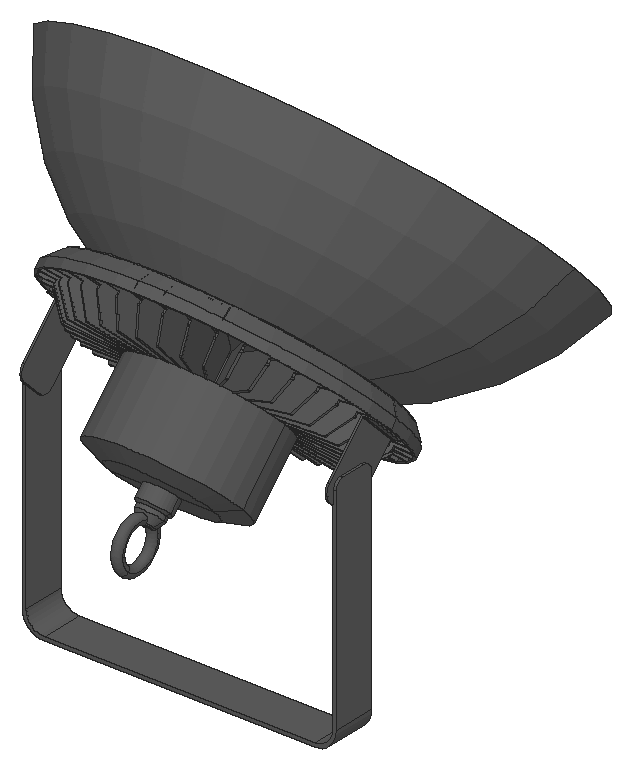
Revit family "0039350+0039353+0039357 Feilo Sylvania Lighting Fixture START HIGHBAY 6K 13KLM WIDE with BRACKET and ALU SHADE BLACK COLOR", category Lighting Fixtures, host Face, Revit 2017
Family settings
  Host = Face
  Round Connector Dimension = Use Diameter
  Part Type = Normal
  OmniClass Number = 23.80.70.00
  OmniClass Title = Lighting
  Cut with Voids When Loaded = No
  Light Source = No
  Shared = No
  Room Calculation Point = No
Parameters (values of type "0039350+0039353+0039357 START HIGHBAY 6K 13KLM WIDE with BRACKET and ALU SHADE BLACK COLOR")
  Weight = "3.0 kg"
  Wattage Comments = ""
  WarrantyStartDate [instance] = "n/a"
  WarrantyGuarantorParts = "n/a"
  WarrantyDurationUnit = "n/a"
  WarrantyDurationParts = "n/a"
  WarrantyDescription = "n/a"
  Voltage = 230 V
  URL = "http://www.sylvania-lighting.com"
  TypeName = "START HIGHBAY 6K 13KLM WIDE with BRACKET and ALU SHADE BLACK COLOR"
  TypeHead_FEILO = Start LED Highbay Head : 0039350+0039353+0039357 START HIGHBAY 6K 13KLM WIDE with BRACKET and ALU SHADE BLACK COLOR
  Type Image = <None>
  Type Comments = "n/a"
  TiltAngle_FEILO [instance] = 45.00°
  ThicknessBracketPlate_FEILO = 3 mm
  SizeBracketS_FEILO = yes
  SizeBracketM_FEILO = no
  SerialNumber [instance] = "n/a"
  RadiusBracketTop_FEILO = 7 mm
  RadiusBendOut_FEILO = if(SizeBracketS_FEILO, 18 mm, if(SizeBracketM_FEILO, 24 mm, 28 mm))  # 18 mm
  RadiusBendIn_FEILO = RadiusBendOut_FEILO - ThicknessBracketPlate_FEILO  # 15 mm
  Material_3_FEILO = none
  PowerFactor = 0.95
  PowerConsumption = "100 W"
  NominalLength = 270 mm
  NominalHeight = 170 mm
  NominalDepth = 270 mm
  Name = "START HIGHBAY 6K 13KLM WIDE with BRACKET and ALU SHADE BLACK COLOR"
  ModelReference = Name  # "START HIGHBAY 6K 13KLM WIDE with BRACKET and ALU SHADE BLACK COLOR"
  ModelNumber = "0039350+0039353+0039357"
  Model = Name  # "START HIGHBAY 6K 13KLM WIDE with BRACKET and ALU SHADE BLACK COLOR"
  Material = "aluminium alloy housing, polycarbonate diffuser"
  ManufacturerName = "Feilo Sylvania"
  Manufacturer = "Feilo Sylvania"
  LuminousEfficacy = "130 lm/W"
  LuminaireType = ""
  LightOutputRatio = "n/a"
  LampsType = Lamp  # "LED"
  LampNominalLuminous = "13000 lm"
  LampMacAdamStep = "n/a"
  LampColourTemperature = "6500 K"
  LampColourRenderingIndex = "80"
  Lamp = "LED"
  Keynote = "16500"
  InstallationDate [instance] = "n/a"
  InputVoltage = "220-240V~"
  InputNominalFrequency = "50/60 Hz"
  IngressProtection = "IP65"
  ImpactProtectionIndex = "IK08"
  IfcExportType = "IfcLightFixtureType"
  IfcExportAs = "IfcLightFixtureType"
  ExpectedLife = 50000
  EndAngle_FEILO [instance] = TiltAngle_FEILO + 180.00°  # 225.00°
  ElectricShockClassification = "Class I"
  DurationUnit = "hours"
  DocumentationLiterature = "http://www.sylvania-lighting.com/product/en-int/products/0039350"
  DimmingControlOptions = "n/a"
  Material_2_FEILO = none
  Description = "START HIGHBAY, includes 1 m cables, black aluminium housing, 13000LM, 100W, 130lm/W, 6500K, Driver current: 2140mA, CR80, 60° beam angle, 1-10V dimmable,  IP65, IK08, 50,000 hrs (L70B50), (LxWxH) 270x270x170mm"
  Default Elevation = 1219.2 mm
  CreatedOn = "2/28/2018"
  CreatedBy = ""
  Cost = 0
  built-in parameter 1114216 [instance] = (empty or 0)
  ClassificationValue = "EF_70_80"
  ClassificationName = "Uniclass2015"
  Material_1_FEILO = Body-Sylvania-StartHighbay-Black
  BracketHeight_FEILO = if(SizeBracketS_FEILO, 199.5 mm, if(SizeBracketM_FEILO, 209.6 mm, 201.3 mm))  # 199.5 mm
  BracketDistanceInner_FEILO = if(SizeBracketS_FEILO, 249.4 mm, if(SizeBracketM_FEILO, 273.6 mm, 313.2 mm))  # 249.4 mm
  BarCode [instance] = "n/a"
  AssetType = "Fixed"
  AssetIdentifier [instance] = "n/a"
  Assembly Code = "D5020200"
  Apparent Load = 100 VA
  Material_4_FEILO = none
Reference planes
  plane 1 "Center (Front/Back)": y = 0
  plane 2: z = 0
  plane 3 "Center (Left/Right)": x = 0
  plane 4: x = -127.7
  plane 5: x = 127.7
  plane 6: z = 199.5
  plane 7: x = -124.7
  plane 8: z = 3
  plane 9: x = 124.7
  plane 10: y = 17.5
  plane 11: y = -17.5
  plane 12: y = -19.5
  plane 13: z = 201.5
  plane 14: y = 19.5
  plane 15: z = 190.5
Forms (mm)
  Extrusion 1, solid, material "Body-Sylvania-StartHighbay-Black" <- "Material_1_FEILO"
    sketch origin (0, 0, 0) x (1, 0, 0) y (0, 0, 1)
      loop
        line (-127.7, 199.5) -> (-127.7, 18)
        arc (-127.7, 18) -> (-122.428, 5.272) -> (-109.7, 0) r 18
        line (-109.7, 0) -> (109.7, 0)
        arc (109.7, 0) -> (122.428, 5.272) -> (127.7, 18) r 18
        line (127.7, 18) -> (127.7, 199.5) -> (124.7, 199.5) -> (124.7, 18)
        arc (124.7, 18) -> (120.307, 7.393) -> (109.7, 3) r 15
        line (109.7, 3) -> (-109.7, 3)
        arc (-109.7, 3) -> (-120.307, 7.393) -> (-124.7, 18) r 15
        line (-124.7, 18) -> (-124.7, 199.5) -> (-127.7, 199.5)
    from -17.5 to 17.5
  Extrusion 2, void
    sketch origin (0, 0, 0) x (0, 1, 0) y (0, 0, 1)
      loop
        arc (10.5, 199.5) -> (15.45, 197.45) -> (17.5, 192.5) r 7
        line (17.5, 192.5) -> (19.5, 192.5) -> (19.5, 201.5) -> (-19.5, 201.5) -> (-19.5, 192.5) -> (-17.5, 192.5)
        arc (-17.5, 192.5) -> (-15.45, 197.45) -> (-10.5, 199.5) r 7
        line (-10.5, 199.5) -> (10.5, 199.5)
    from -127.7 to 127.7
  Revolve 3, solid, not visible
    sketch origin (1223.4, -4572, 190.5) x (0, -1, 0) y (1, 0, 0)
      loop
        line (-4572, -1223.4) -> (-4591.5, -1223.4) -> (-4591.5, -1277.783) -> (-4572, -1277.783) -> (-4572, -1223.4)
      axis (-4572, -1223.4) -> (-4572, -1277.783)
    angle from 45 <- "TiltAngle_FEILO" to 225 <- "EndAngle_FEILO"
Cuts and joins
  Extrusion 2 cuts Extrusion 1
Dimensions and locks
  "BracketHeight_FEILO": plane 6 to plane 2
  equal spacing: plane 11, plane 1 "Center (Front/Back)", plane 10
  locked: plane 11 to plane 10 at 35
  equal spacing: plane 9, plane 3 "Center (Left/Right)", plane 7
  "BracketDistanceInner_FEILO": plane 9 to plane 7
  "ThicknessBracketPlate_FEILO": plane 7 to plane 4
  "ThicknessBracketPlate_FEILO": plane 8 to plane 2
  equal spacing: plane 5, plane 3 "Center (Left/Right)", plane 4
  equal spacing: plane 12, plane 1 "Center (Front/Back)", plane 14
  locked: plane 6 to plane 13 at 2
  locked: plane 12 to plane 11 at 2
  locked: plane 6 to plane 15 at 9
  "RadiusBendOut_FEILO": radius of Extrusion 1 sketch curve  (x2)
  "RadiusBendIn_FEILO": radius of Extrusion 1 sketch curve  (x2)
  "RadiusBracketTop_FEILO": radius of Extrusion 2 sketch curve  (x2)
  aligned and locked: plane 2 to host face
  aligned and locked: level to host face
  aligned and locked: Extrusion 1 sketch curve to plane 4
  aligned and locked: Extrusion 1 sketch curve to level
  aligned and locked: plane 6 to Extrusion 1 sketch curve
  aligned and locked: Extrusion 1 sketch curve to plane 6
  aligned and locked: Extrusion 1 sketch curve to plane 7
  aligned and locked: plane 9 to Extrusion 1 sketch curve
  aligned and locked: plane 8 to Extrusion 1 sketch curve
  aligned and locked: Extrusion 1 to plane 10
  aligned and locked: plane 11 to Extrusion 1
  aligned and locked: Extrusion 1 to Extrusion 2 sketch curve
  aligned and locked: plane 14 to Extrusion 2 sketch curve  (x2)
  aligned and locked: Extrusion 2 sketch curve to plane 12
  aligned and locked: plane 13 to Extrusion 2 sketch curve
  aligned and locked: plane 5 to Extrusion 2
  aligned and locked: Extrusion 2 to plane 4
  aligned and locked: Revolve 3 sketch curve to plane 1 "Center (Front/Back)"
  aligned and locked: Revolve 3 sketch curve to Revolve 3 sketch curve
  aligned and locked: plane 3 "Center (Left/Right)" to Revolve 3 sketch curve
  aligned and locked: Revolve 3 sketch curve to plane 14
  aligned and locked: nested 1 to plane 3 "Center (Left/Right)"
Automatic sketch dimensions
  host sketch curve to host sketch curve = 2438.4 mm  (x2)
  Revolve 3 sketch curve to Revolve 3 sketch curve = 54.383 mm
  Revolve 3 sketch curve to plane 4 = 1396.3 mm
  plane 5 to Revolve 3 sketch curve = 1396.3 mm
  Extrusion 1 sketch curve to Extrusion 1 sketch curve = 0 mm
  Extrusion 2 sketch curve to plane 11 = 0 mm
  Extrusion 2 sketch curve to plane 10 = 0 mm
Nested families
  nested 1: "Start LED Highbay Head" at (0, 0, 190.5) x (-1, 0, 0) z (0, 0.7071, 0.7071), type <- "TypeHead_FEILO", type "0039350+0039353+0039357 START HIGHBAY 6K 13KLM WIDE with BRACKET and ALU SHADE BLACK COLOR"
    with built-in parameter 1114216 (empty or 0)
Connectors
  electrical at (0, 0, 0), driven by "Apparent Load", driven by "PowerFactor", driven by "Voltage"
    settings: index 1, voltage 230 V, apparent load 100 VA, apparent load phase1 0 VA, apparent load phase2 0 VA, apparent load phase3 0 VA, power factor 0.95, load classification "Lighting", number of poles 1, system type 30, power factor state 1, is connector primary yes, connector utility no, sub classification motor no, connector description ""
Definition of nested family "Start LED Highbay Head"
  Parameters (values of type "0039351+0039354+0039358 START HIGHBAY 6K 19KLM WIDE with BRACKET and PC LAMPSHADE TRANSPARENT ")
    X_FEILO = if(SizeS_FEILO, 60.3 mm, if(SizeM_FEILO, 70.4 mm, 83.5 mm))  # 70.4 mm
    WidthStraight_FEILO = if(SizeS_FEILO, 3 mm, if(SizeM_FEILO, 4 mm, 4.7 mm))  # 4 mm
    WidthRingChamfer_FEILO = if(SizeS_FEILO, 10.3 mm, if(SizeM_FEILO, 11.2 mm, 12.9 mm))  # 11.2 mm
    WidthCurved_FEILO = if(SizeS_FEILO, 17.4 mm, if(SizeM_FEILO, 16.4 mm, 26.2 mm))  # 16.4 mm
    WidthCurvedRing_FEILO = if(SizeS_FEILO, 3 mm, if(SizeM_FEILO, 4 mm, 4.7 mm))  # 4 mm
    WidthBracket_FEILO = 40 mm
    Wattage Comments = ""
    Wattage = 150 W
    built-in parameter 1150110 = 1 (stored number, unit not read)
    URL = "http://www.feilosylvania.com"
    Type Image = (empty or 0)
    Type Comments = "n/a"
    built-in parameter 1114217 = 1 (stored number, unit not read)
    Tilt Angle = -90.00°
    ThicknessWall_FEILO = 1.5 mm
    ThicknessBracket_FEILO = 1.5 mm
    ThicknessBracketHalf_FEILO = ThicknessBracket_FEILO / 2  # 0.75 mm
    built-in parameter 1150109 = 1 (stored number, unit not read)
    built-in parameter 1150134 = 1
    built-in parameter 1150113 = 1 (stored number, unit not read)
    SizeS_FEILO = no
    SizeM_FEILO = yes
    ShadeThickness_FEILO = 3 mm
    ShadeSizeSM_FEILO = or(SizeS_FEILO, SizeM_FEILO)  # yes
    ShadeRadiusOut_FEILO = 205 mm
    ShadeRadiusIn_FEILO = if(ShadeSizeSM_FEILO, 95 mm, 121 mm)  # 95 mm
    ShadeRadiusBend_FEILO = if(ShadeSizeSM_FEILO, 210 mm, 210 mm)  # 210 mm
    ShadeOn_FEILO = yes
    ShadeHeight_FEILO = if(ShadeSizeSM_FEILO, 120 mm, 151 mm)  # 120 mm
    Rib4_FEILO = if(SizeS_FEILO, 18.1 mm, if(SizeM_FEILO, 13.6 mm, 14.6 mm))  # 13.6 mm
    Rib3_FEILO = if(SizeS_FEILO, 15.3 mm, if(SizeM_FEILO, 17.6 mm, 20.2 mm))  # 17.6 mm
    Rib2_FEILO = if(SizeS_FEILO, 3.6 mm, if(SizeM_FEILO, 3.9 mm, 4.5 mm))  # 3.9 mm
    Rib1_FEILO = if(SizeS_FEILO, 15.1 mm, if(SizeM_FEILO, 16.5 mm, 19 mm))  # 16.5 mm
    RadiusDiffuser_FEILO = if(SizeS_FEILO, 95.2 mm, if(SizeM_FEILO, 105.3 mm, 120 mm))  # 105.3 mm
    RadiusArrayPost_FEILO = DriverRadius_FEILO - 6 mm  # 61.2 mm
    RHRadius3_FEILO = if(SizeS_FEILO, 6.6 mm, if(SizeM_FEILO, 7.4 mm, 8.6 mm))  # 7.4 mm
    RHRadius2_FEILO = if(SizeS_FEILO, 11 mm, if(SizeM_FEILO, 12 mm, 14 mm))  # 12 mm
    RHRadius1_FEILO = if(SizeS_FEILO, 13.6 mm, if(SizeM_FEILO, 14.9 mm, 17.7 mm))  # 14.9 mm
    RHHeight4_FEILO = if(SizeS_FEILO, 7.3 mm, if(SizeM_FEILO, 8 mm, 9.2 mm))  # 8 mm
    RHHeight3_FEILO = if(SizeS_FEILO, 3.6 mm, if(SizeM_FEILO, 3.7 mm, 4.6 mm))  # 3.7 mm
    RHHeight2_FEILO = if(SizeS_FEILO, 2 mm, if(SizeM_FEILO, 2.2 mm, 2.6 mm))  # 2.2 mm
    RHHeight1_FEILO = if(SizeS_FEILO, 11.8 mm, if(SizeM_FEILO, 15.3 mm, 17.4 mm))  # 15.3 mm
    Photometric Web File = "0039351+0039358.ies"
    Material_5_FEILO = none
    Material_3_FEILO = none
    Model = "START HIGHBAY 6K 19KLM WIDE with BRACKET and PC LAMPSHADE TRANSPARENT"
    Manufacturer = "Feilo Sylvania"
    built-in parameter 1150105 = 10854.2 (stored number, unit not read)
    Lumens = 19500 lm
    built-in parameter 1150115 = 1 (stored number, unit not read)
    built-in parameter 1150137 = (empty or 0)
    built-in parameter 1150139 = (empty or 0)
    built-in parameter 1150112 = 1 (stored number, unit not read)
    built-in parameter 1150114 = 1 (stored number, unit not read)
    Lamp = "LED"
    Keynote = "16500"
    built-in parameter 1150132 = (empty or 0)
    built-in parameter 1150102 = (empty or 0)
    built-in parameter 1150107 = 6500 (stored number, unit not read)
    built-in parameter 1150138 = (empty or 0)
    built-in parameter 1150106 = 108.54 (stored number, unit not read)
    HeightRing_FEILO = if(SizeS_FEILO, 19.8 mm, if(SizeM_FEILO, 32 mm, 36.8 mm))  # 32 mm
    HeightRingChamfer_FEILO = if(SizeS_FEILO, 11.7 mm, if(SizeM_FEILO, 23.2 mm, 26.6 mm))  # 23.2 mm
    EyeThickness_FEILO = if(SizeS_FEILO, 8.4 mm, if(SizeM_FEILO, 9.2 mm, 10.5 mm))  # 9.2 mm
    EyeThicknessHalf_FEILO = EyeThickness_FEILO / 2  # 4.6 mm
    EyeInner_FEILO = if(SizeS_FEILO, 13.8 mm, if(SizeM_FEILO, 15.1 mm, 17.3 mm))  # 15.1 mm
    Emit from Circle Diameter = RadiusDiffuser_FEILO * 2  # 210.6 mm
    Emit Shape Visible in Rendering = no
    built-in parameter 1150104 = 12.077 (stored number, unit not read)
    DriverVerticalStraight_FEILO = if(SizeS_FEILO, 46.5 mm, if(SizeM_FEILO, 49.7 mm, 57 mm))  # 49.7 mm
    DriverVerticalChamfer_FEILO = if(SizeS_FEILO, 7.5 mm, if(SizeM_FEILO, 8.2 mm, 9.5 mm))  # 8.2 mm
    DriverRadius_FEILO = if(SizeS_FEILO, 61.4 mm, if(SizeM_FEILO, 67.2 mm, 76.4 mm))  # 67.2 mm
    DriverRadiusTop_FEILO = if(SizeS_FEILO, 42 mm, if(SizeM_FEILO, 45.3 mm, 52.4 mm))  # 45.3 mm
    DriverBottom_FEILO = if(SizeS_FEILO, 56 mm, if(SizeM_FEILO, 64.5 mm, 74 mm))  # 64.5 mm
    Material_2_FEILO = none
    Radius_FEILO = if(SizeS_FEILO, 135 mm, if(SizeM_FEILO, 148 mm, 169.5 mm))  # 148 mm
    Dimming Lamp Color Temperature Shift = (empty or 0)
    DiameterWire_FEILO = 3 mm
    DiameterWireSupport_FEILO = 10 mm
    Description = "START HIGHBAY, includes 1 m cables, black aluminium housing, 19500LM, 150W, 130lm/W, 6500K, Driver current: 2140mA, CR80, 60° beam angle, 1-10V dimmable,  IP65, IK08, 50,000 hrs (L70B50), (LxWxH) 296x296x177mm"
    Default Elevation = 1219.2 mm
    Cost = 0
    Color Filter = 16777215
    built-in parameter 1114216 [instance] = (empty or 0)
    Material_1_FEILO = none
    built-in parameter 1114218 = 1 (stored number, unit not read)
    built-in parameter 1150133 = 10 (stored number, unit not read)
    Assembly Code = "D5020200"
    Apparent Load = 150 VA
    Material_4_FEILO = none
  Types (36, lengths in mm): name | X_FEILO | WidthStraight_FEILO | WidthRingChamfer_FEILO | WidthCurved_FEILO | WidthCurvedRing_FEILO | Wattage | built-in parameter 1150134 | SizeS_FEILO | SizeM_FEILO | ShadeSizeSM_FEILO | ShadeRadiusIn_FEILO | ShadeOn_FEILO | ShadeHeight_FEILO | Rib4_FEILO | Rib3_FEILO | Rib2_FEILO | Rib1_FEILO | RadiusDiffuser_FEILO | RadiusArrayPost_FEILO | RHRadius3_FEILO | RHRadius2_FEILO | RHRadius1_FEILO | RHHeight4_FEILO | RHHeight3_FEILO | RHHeight2_FEILO | RHHeight1_FEILO | Photometric Web File | Model | built-in parameter 1150105 | Lumens | built-in parameter 1150107 | built-in parameter 1150106 | HeightRing_FEILO | HeightRingChamfer_FEILO | EyeThickness_FEILO | EyeThicknessHalf_FEILO | EyeInner_FEILO | Emit from Circle Diameter | DriverVerticalStraight_FEILO | DriverVerticalChamfer_FEILO | DriverRadius_FEILO | DriverRadiusTop_FEILO | DriverBottom_FEILO | Radius_FEILO | Description | Apparent Load
    0039352+0039355+0039361 START HIGHBAY 6K 26KLM WIDE with BRACKET and PC LAMPSHADE TRANSPARENT | 83.5 | 4.7 | 12.9 | 26.2 | 4.7 | 200 W | 1 | no | no | no | 121 | yes | 151 | 14.6 | 20.2 | 4.5 | 19 | 120 | 70.4 | 8.6 | 14 | 17.7 | 9.2 | 4.6 | 2.6 | 17.4 | "0039352+0039361.ies" | "START HIGHBAY 6K 26KLM WIDE with BRACKET and PC LAMPSHADE TRANSPARENT" | 17911 (stored number, unit not read) | 26000 lm | 6500 (stored number, unit not read) | 179.11 (stored number, unit not read) | 36.8 | 26.6 | 10.5 | 5.25 | 17.3 | 240 | 57 | 9.5 | 76.4 | 52.4 | 74 | 169.5 | "START HIGHBAY, includes 1 m cables, black aluminium housing, 26000LM, 200W, 130lm/W, 6500K, Driver current: 5000mA, CR80, 60° beam angle, 1-10V dimmable,  IP65, IK08, 50,000 hrs (L70B50), (LxWxH) 339x339x194mm" | 200 VA
    0039352+0039355+0039360 START HIGHBAY 6K 26KLM WIDE with BRACKET and ALU SHADE BLACK COLOR | 83.5 | 4.7 | 12.9 | 26.2 | 4.7 | 200 W | 1 | no | no | no | 121 | yes | 151 | 14.6 | 20.2 | 4.5 | 19 | 120 | 70.4 | 8.6 | 14 | 17.7 | 9.2 | 4.6 | 2.6 | 17.4 | "0039352+0039360.ies" | "START HIGHBAY 6K 26KLM WIDE with BRACKET and ALU SHADE BLACK COLOR" | 14870 (stored number, unit not read) | 26000 lm | 6500 (stored number, unit not read) | 148.7 (stored number, unit not read) | 36.8 | 26.6 | 10.5 | 5.25 | 17.3 | 240 | 57 | 9.5 | 76.4 | 52.4 | 74 | 169.5 | "START HIGHBAY, includes 1 m cables, black aluminium housing, 26000LM, 200W, 130lm/W, 6500K, Driver current: 5000mA, CR80, 60° beam angle, 1-10V dimmable,  IP65, IK08, 50,000 hrs (L70B50), (LxWxH) 339x339x194mm" | 200 VA
    0039352+0039355+0039359 START HIGHBAY 6K 26KLM WIDE with BRACKET and ALU SHADE ALU COLOR | 83.5 | 4.7 | 12.9 | 26.2 | 4.7 | 200 W | 1 | no | no | no | 121 | yes | 151 | 14.6 | 20.2 | 4.5 | 19 | 120 | 70.4 | 8.6 | 14 | 17.7 | 9.2 | 4.6 | 2.6 | 17.4 | "0039352+0039359.ies" | "START HIGHBAY 6K 26KLM WIDE with BRACKET and ALU SHADE ALU COLOR" | 14870 (stored number, unit not read) | 26000 lm | 6500 (stored number, unit not read) | 148.7 (stored number, unit not read) | 36.8 | 26.6 | 10.5 | 5.25 | 17.3 | 240 | 57 | 9.5 | 76.4 | 52.4 | 74 | 169.5 | "START HIGHBAY, includes 1 m cables, black aluminium housing, 26000LM, 200W, 130lm/W, 6500K, Driver current: 5000mA, CR80, 60° beam angle, 1-10V dimmable,  IP65, IK08, 50,000 hrs (L70B50), (LxWxH) 339x339x194mm" | 200 VA
    0039352+0039355 START HIGHBAY 6K 26KLM WIDE with BRACKET | 83.5 | 4.7 | 12.9 | 26.2 | 4.7 | 200 W | 1 | no | no | no | 121 | no | 151 | 14.6 | 20.2 | 4.5 | 19 | 120 | 70.4 | 8.6 | 14 | 17.7 | 9.2 | 4.6 | 2.6 | 17.4 | "0039352.ies" | "START HIGHBAY 6K 26KLM WIDE with BRACKET" | 13836.2 (stored number, unit not read) | 26000 lm | 6500 (stored number, unit not read) | 138.36 (stored number, unit not read) | 36.8 | 26.6 | 10.5 | 5.25 | 17.3 | 240 | 57 | 9.5 | 76.4 | 52.4 | 74 | 169.5 | "START HIGHBAY, includes 1 m cables, black aluminium housing, 26000LM, 200W, 130lm/W, 6500K, Driver current: 5000mA, CR80, 60° beam angle, 1-10V dimmable,  IP65, IK08, 50,000 hrs (L70B50), (LxWxH) 339x339x194mm" | 200 VA
    0039351+0039354+0039358 START HIGHBAY 6K 19KLM WIDE with BRACKET and PC LAMPSHADE TRANSPARENT | 70.4 | 4 | 11.2 | 16.4 | 4 | 150 W | 1 | no | yes | yes | 95 | yes | 120 | 13.6 | 17.6 | 3.9 | 16.5 | 105.3 | 61.2 | 7.4 | 12 | 14.9 | 8 | 3.7 | 2.2 | 15.3 | "0039351+0039358.ies" | "START HIGHBAY 6K 19KLM WIDE with BRACKET and PC LAMPSHADE TRANSPARENT" | 10854.2 (stored number, unit not read) | 19500 lm | 6500 (stored number, unit not read) | 108.54 (stored number, unit not read) | 32 | 23.2 | 9.2 | 4.6 | 15.1 | 210.6 | 49.7 | 8.2 | 67.2 | 45.3 | 64.5 | 148 | "START HIGHBAY, includes 1 m cables, black aluminium housing, 19500LM, 150W, 130lm/W, 6500K, Driver current: 2140mA, CR80, 60° beam angle, 1-10V dimmable,  IP65, IK08, 50,000 hrs (L70B50), (LxWxH) 296x296x177mm" | 150 VA
    0039351+0039354+0039357 START HIGHBAY 6K 19KLM WIDE with BRACKET and ALU SHADE BLACK COLOR | 70.4 | 4 | 11.2 | 16.4 | 4 | 150 W | 1 | no | yes | yes | 95 | yes | 120 | 13.6 | 17.6 | 3.9 | 16.5 | 105.3 | 61.2 | 7.4 | 12 | 14.9 | 8 | 3.7 | 2.2 | 15.3 | "0039351+0039357.ies" | "START HIGHBAY 6K 19KLM WIDE with BRACKET and ALU SHADE BLACK COLOR" | 11152.5 (stored number, unit not read) | 19500 lm | 6500 (stored number, unit not read) | 111.52 (stored number, unit not read) | 32 | 23.2 | 9.2 | 4.6 | 15.1 | 210.6 | 49.7 | 8.2 | 67.2 | 45.3 | 64.5 | 148 | "START HIGHBAY, includes 1 m cables, black aluminium housing, 19500LM, 150W, 130lm/W, 6500K, Driver current: 2140mA, CR80, 60° beam angle, 1-10V dimmable,  IP65, IK08, 50,000 hrs (L70B50), (LxWxH) 296x296x177mm" | 150 VA
    0039351+0039354+0039356 START HIGHBAY 6K 19KLM WIDE with BRACKET and ALU SHADE ALU COLOR | 70.4 | 4 | 11.2 | 16.4 | 4 | 150 W | 1 | no | yes | yes | 95 | yes | 120 | 13.6 | 17.6 | 3.9 | 16.5 | 105.3 | 61.2 | 7.4 | 12 | 14.9 | 8 | 3.7 | 2.2 | 15.3 | "0039351+0039356.ies" | "START HIGHBAY 6K 19KLM WIDE with BRACKET and ALU SHADE ALU COLOR" | 11152.5 (stored number, unit not read) | 19500 lm | 6500 (stored number, unit not read) | 111.52 (stored number, unit not read) | 32 | 23.2 | 9.2 | 4.6 | 15.1 | 210.6 | 49.7 | 8.2 | 67.2 | 45.3 | 64.5 | 148 | "START HIGHBAY, includes 1 m cables, black aluminium housing, 19500LM, 150W, 130lm/W, 6500K, Driver current: 2140mA, CR80, 60° beam angle, 1-10V dimmable,  IP65, IK08, 50,000 hrs (L70B50), (LxWxH) 296x296x177mm" | 150 VA
    0039351+0039354 START HIGHBAY 6K 19KLM WIDE with BRACKET | 70.4 | 4 | 11.2 | 16.4 | 4 | 150 W | 1 | no | yes | yes | 95 | no | 120 | 13.6 | 17.6 | 3.9 | 16.5 | 105.3 | 61.2 | 7.4 | 12 | 14.9 | 8 | 3.7 | 2.2 | 15.3 | "0039351.ies" | "START HIGHBAY 6K 19KLM WIDE with BRACKET" | 10377.1 (stored number, unit not read) | 19500 lm | 6500 (stored number, unit not read) | 103.77 (stored number, unit not read) | 32 | 23.2 | 9.2 | 4.6 | 15.1 | 210.6 | 49.7 | 8.2 | 67.2 | 45.3 | 64.5 | 148 | "START HIGHBAY, includes 1 m cables, black aluminium housing, 19500LM, 150W, 130lm/W, 6500K, Driver current: 2140mA, CR80, 60° beam angle, 1-10V dimmable,  IP65, IK08, 50,000 hrs (L70B50), (LxWxH) 296x296x177mm" | 150 VA
    0039350+0039353+0039358 START HIGHBAY 6K 13KLM WIDE with BRACKET and PC LAMPSHADE TRANSPARENT | 60.3 | 3 | 10.3 | 17.4 | 3 | 100 W | 1 | yes | no | yes | 95 | yes | 120 | 18.1 | 15.3 | 3.6 | 15.1 | 95.2 | 55.4 | 6.6 | 11 | 13.6 | 7.3 | 3.6 | 2 | 11.8 | "0039350+0039358.ies" | "START HIGHBAY 6K 13KLM WIDE with BRACKET and PC LAMPSHADE TRANSPARENT" | 7236.1 (stored number, unit not read) | 13000 lm | 6500 (stored number, unit not read) | 72.361 (stored number, unit not read) | 19.8 | 11.7 | 8.4 | 4.2 | 13.8 | 190.4 | 46.5 | 7.5 | 61.4 | 42 | 56 | 135 | "START HIGHBAY, includes 1 m cables, black aluminium housing, 13000LM, 100W, 130lm/W, 6500K, Driver current: 2140mA, CR80, 60° beam angle, 1-10V dimmable,  IP65, IK08, 50,000 hrs (L70B50), (LxWxH) 270x270x170mm" | 100 VA
    0039350+0039353+0039357 START HIGHBAY 6K 13KLM WIDE with BRACKET and ALU SHADE BLACK COLOR | 60.3 | 3 | 10.3 | 17.4 | 3 | 100 W | 1 | yes | no | yes | 95 | yes | 120 | 18.1 | 15.3 | 3.6 | 15.1 | 95.2 | 55.4 | 6.6 | 11 | 13.6 | 7.3 | 3.6 | 2 | 11.8 | "0039350+0039357.ies" | "START HIGHBAY 6K 13KLM WIDE with BRACKET and ALU SHADE BLACK COLOR" | 7435 (stored number, unit not read) | 13000 lm | 6500 (stored number, unit not read) | 74.35 (stored number, unit not read) | 19.8 | 11.7 | 8.4 | 4.2 | 13.8 | 190.4 | 46.5 | 7.5 | 61.4 | 42 | 56 | 135 | "START HIGHBAY, includes 1 m cables, black aluminium housing, 13000LM, 100W, 130lm/W, 6500K, Driver current: 2140mA, CR80, 60° beam angle, 1-10V dimmable,  IP65, IK08, 50,000 hrs (L70B50), (LxWxH) 270x270x170mm" | 100 VA
    0039350+0039353+0039356 START HIGHBAY 6K 13KLM WIDE with BRACKET and ALU SHADE ALU COLOR | 60.3 | 3 | 10.3 | 17.4 | 3 | 100 W | 1 | yes | no | yes | 95 | yes | 120 | 18.1 | 15.3 | 3.6 | 15.1 | 95.2 | 55.4 | 6.6 | 11 | 13.6 | 7.3 | 3.6 | 2 | 11.8 | "0039350+0039356.ies" | "START HIGHBAY 6K 13KLM WIDE with BRACKET and ALU SHADE ALU COLOR" | 7435 (stored number, unit not read) | 13000 lm | 6500 (stored number, unit not read) | 74.35 (stored number, unit not read) | 19.8 | 11.7 | 8.4 | 4.2 | 13.8 | 190.4 | 46.5 | 7.5 | 61.4 | 42 | 56 | 135 | "START HIGHBAY, includes 1 m cables, black aluminium housing, 13000LM, 100W, 130lm/W, 6500K, Driver current: 2140mA, CR80, 60° beam angle, 1-10V dimmable,  IP65, IK08, 50,000 hrs (L70B50), (LxWxH) 270x270x170mm" | 100 VA
    0039350+0039353 START HIGHBAY 6K 13KLM WIDE with BRACKET | 60.3 | 3 | 10.3 | 17.4 | 3 | 100 W | 1 | yes | no | yes | 95 | no | 120 | 18.1 | 15.3 | 3.6 | 15.1 | 95.2 | 55.4 | 6.6 | 11 | 13.6 | 7.3 | 3.6 | 2 | 11.8 | "0039350.ies" | "START HIGHBAY 6K 13KLM WIDE with BRACKET" | 6918.1 (stored number, unit not read) | 13000 lm | 6500 (stored number, unit not read) | 69.181 (stored number, unit not read) | 19.8 | 11.7 | 8.4 | 4.2 | 13.8 | 190.4 | 46.5 | 7.5 | 61.4 | 42 | 56 | 135 | "START HIGHBAY, includes 1 m cables, black aluminium housing, 13000LM, 100W, 130lm/W, 6500K, Driver current: 2140mA, CR80, 60° beam angle, 1-10V dimmable,  IP65, IK08, 50,000 hrs (L70B50), (LxWxH) 270x270x170mm" | 100 VA
    0039349+0039355+0039361 START HIGHBAY 4K 26KLM WIDE with BRACKET and PC LAMPSHADE TRANSPARENT FOR | 83.5 | 4.7 | 12.9 | 26.2 | 4.7 | 200 W | 12 | no | no | no | 121 | yes | 151 | 14.6 | 20.2 | 4.5 | 19 | 120 | 70.4 | 8.6 | 14 | 17.7 | 9.2 | 4.6 | 2.6 | 17.4 | "0039349+0039361.ies" | "START HIGHBAY 4K 26KLM WIDE with BRACKET and PC LAMPSHADE TRANSPARENT FOR" | 17911 (stored number, unit not read) | 26000 lm | 4000 (stored number, unit not read) | 179.11 (stored number, unit not read) | 36.8 | 26.6 | 10.5 | 5.25 | 17.3 | 240 | 57 | 9.5 | 76.4 | 52.4 | 74 | 169.5 | "START HIGHBAY, includes 1 m cables, black aluminium housing, 26000LM, 200W, 130lm/W, 4000K, Driver current: 5000mA, CR80, 90° beam angle, 1-10V dimmable,  IP65, IK08, 50,000 hrs (L70B50), (LxWxH) 339x339x194mm" | 200 VA
    0039349+0039355+0039360 START HIGHBAY 4K 26KLM WIDE with BRACKET and ALU SHADE BLACK COLOR | 83.5 | 4.7 | 12.9 | 26.2 | 4.7 | 200 W | 12 | no | no | no | 121 | yes | 151 | 14.6 | 20.2 | 4.5 | 19 | 120 | 70.4 | 8.6 | 14 | 17.7 | 9.2 | 4.6 | 2.6 | 17.4 | "0039349+0039360.ies" | "START HIGHBAY 4K 26KLM WIDE with BRACKET and ALU SHADE BLACK COLOR" | 14870 (stored number, unit not read) | 26000 lm | 4000 (stored number, unit not read) | 148.7 (stored number, unit not read) | 36.8 | 26.6 | 10.5 | 5.25 | 17.3 | 240 | 57 | 9.5 | 76.4 | 52.4 | 74 | 169.5 | "START HIGHBAY, includes 1 m cables, black aluminium housing, 26000LM, 200W, 130lm/W, 4000K, Driver current: 5000mA, CR80, 90° beam angle, 1-10V dimmable,  IP65, IK08, 50,000 hrs (L70B50), (LxWxH) 339x339x194mm" | 200 VA
    0039349+0039355+0039359 START HIGHBAY 4K 26KLM WIDE with BRACKET and ALU SHADE ALU COLOR | 83.5 | 4.7 | 12.9 | 26.2 | 4.7 | 200 W | 12 | no | no | no | 121 | yes | 151 | 14.6 | 20.2 | 4.5 | 19 | 120 | 70.4 | 8.6 | 14 | 17.7 | 9.2 | 4.6 | 2.6 | 17.4 | "0039349+0039359.ies" | "START HIGHBAY 4K 26KLM WIDE with BRACKET and ALU SHADE ALU COLOR" | 14870 (stored number, unit not read) | 26000 lm | 4000 (stored number, unit not read) | 148.7 (stored number, unit not read) | 36.8 | 26.6 | 10.5 | 5.25 | 17.3 | 240 | 57 | 9.5 | 76.4 | 52.4 | 74 | 169.5 | "START HIGHBAY, includes 1 m cables, black aluminium housing, 26000LM, 200W, 130lm/W, 4000K, Driver current: 5000mA, CR80, 90° beam angle, 1-10V dimmable,  IP65, IK08, 50,000 hrs (L70B50), (LxWxH) 339x339x194mm" | 200 VA
    0039349+0039355 START HIGHBAY 4K 26KLM WIDE with BRACKET | 83.5 | 4.7 | 12.9 | 26.2 | 4.7 | 200 W | 12 | no | no | no | 121 | no | 151 | 14.6 | 20.2 | 4.5 | 19 | 120 | 70.4 | 8.6 | 14 | 17.7 | 9.2 | 4.6 | 2.6 | 17.4 | "0039349.ies" | "START HIGHBAY 4K 26KLM WIDE with BRACKET" | 13836.2 (stored number, unit not read) | 26000 lm | 4000 (stored number, unit not read) | 138.36 (stored number, unit not read) | 36.8 | 26.6 | 10.5 | 5.25 | 17.3 | 240 | 57 | 9.5 | 76.4 | 52.4 | 74 | 169.5 | "START HIGHBAY, includes 1 m cables, black aluminium housing, 26000LM, 200W, 130lm/W, 4000K, Driver current: 5000mA, CR80, 90° beam angle, 1-10V dimmable,  IP65, IK08, 50,000 hrs (L70B50), (LxWxH) 339x339x194mm" | 200 VA
    0039348+0039354+0039358 START HIGHBAY 4K 19KLM WIDE with BRACKET and PC LAMPSHADE TRANSPARENT | 70.4 | 4 | 11.2 | 16.4 | 4 | 150 W | 12 | no | yes | yes | 95 | yes | 120 | 13.6 | 17.6 | 3.9 | 16.5 | 105.3 | 61.2 | 7.4 | 12 | 14.9 | 8 | 3.7 | 2.2 | 15.3 | "0039348+0039358.ies" | "START HIGHBAY 4K 19KLM WIDE with BRACKET and PC LAMPSHADE TRANSPARENT" | 10854.2 (stored number, unit not read) | 19500 lm | 4000 (stored number, unit not read) | 108.54 (stored number, unit not read) | 32 | 23.2 | 9.2 | 4.6 | 15.1 | 210.6 | 49.7 | 8.2 | 67.2 | 45.3 | 64.5 | 148 | "START HIGHBAY, includes 1 m cables, black aluminium housing, 19500LM, 150W, 130lm/W, 4000K, Driver current: 3210mA, CR80, 90° beam angle, 1-10V dimmable,  IP65, IK08, 50,000 hrs (L70B50), (LxWxH) 296x296x177mm" | 150 VA
    0039348+0039354+0039357 START HIGHBAY 4K 19KLM WIDE with BRACKET and ALU SHADE BLACK COLOR | 70.4 | 4 | 11.2 | 16.4 | 4 | 150 W | 12 | no | yes | yes | 95 | yes | 120 | 13.6 | 17.6 | 3.9 | 16.5 | 105.3 | 61.2 | 7.4 | 12 | 14.9 | 8 | 3.7 | 2.2 | 15.3 | "0039348+0039357.ies" | "START HIGHBAY 4K 19KLM WIDE with BRACKET and ALU SHADE BLACK COLOR" | 11152.5 (stored number, unit not read) | 19500 lm | 4000 (stored number, unit not read) | 111.52 (stored number, unit not read) | 32 | 23.2 | 9.2 | 4.6 | 15.1 | 210.6 | 49.7 | 8.2 | 67.2 | 45.3 | 64.5 | 148 | "START HIGHBAY, includes 1 m cables, black aluminium housing, 19500LM, 150W, 130lm/W, 4000K, Driver current: 3210mA, CR80, 90° beam angle, 1-10V dimmable,  IP65, IK08, 50,000 hrs (L70B50), (LxWxH) 296x296x177mm" | 150 VA
    0039348+0039354+0039356 START HIGHBAY 4K 19KLM WIDE with BRACKET and ALU SHADE ALU COLOR | 70.4 | 4 | 11.2 | 16.4 | 4 | 150 W | 12 | no | yes | yes | 95 | yes | 120 | 13.6 | 17.6 | 3.9 | 16.5 | 105.3 | 61.2 | 7.4 | 12 | 14.9 | 8 | 3.7 | 2.2 | 15.3 | "0039348+0039356.ies" | "START HIGHBAY 4K 19KLM WIDE with BRACKET and ALU SHADE ALU COLOR" | 11152.5 (stored number, unit not read) | 19500 lm | 4000 (stored number, unit not read) | 111.52 (stored number, unit not read) | 32 | 23.2 | 9.2 | 4.6 | 15.1 | 210.6 | 49.7 | 8.2 | 67.2 | 45.3 | 64.5 | 148 | "START HIGHBAY, includes 1 m cables, black aluminium housing, 19500LM, 150W, 130lm/W, 4000K, Driver current: 3210mA, CR80, 90° beam angle, 1-10V dimmable,  IP65, IK08, 50,000 hrs (L70B50), (LxWxH) 296x296x177mm" | 150 VA
    0039348+0039354 START HIGHBAY 4K 19KLM WIDE with BRACKET | 70.4 | 4 | 11.2 | 16.4 | 4 | 150 W | 12 | no | yes | yes | 95 | no | 120 | 13.6 | 17.6 | 3.9 | 16.5 | 105.3 | 61.2 | 7.4 | 12 | 14.9 | 8 | 3.7 | 2.2 | 15.3 | "0039348.ies" | "START HIGHBAY 4K 19KLM WIDE with BRACKET" | 10377.1 (stored number, unit not read) | 19500 lm | 4000 (stored number, unit not read) | 103.77 (stored number, unit not read) | 32 | 23.2 | 9.2 | 4.6 | 15.1 | 210.6 | 49.7 | 8.2 | 67.2 | 45.3 | 64.5 | 148 | "START HIGHBAY, includes 1 m cables, black aluminium housing, 19500LM, 150W, 130lm/W, 4000K, Driver current: 3210mA, CR80, 90° beam angle, 1-10V dimmable,  IP65, IK08, 50,000 hrs (L70B50), (LxWxH) 296x296x177mm" | 150 VA
    0039347+0039353+0039358 START HIGHBAY 4K 13KLM WIDE with BRACKET and PC LAMPSHADE TRANSPARENT | 60.3 | 3 | 10.3 | 17.4 | 3 | 100 W | 12 | yes | no | yes | 95 | yes | 120 | 18.1 | 15.3 | 3.6 | 15.1 | 95.2 | 55.4 | 6.6 | 11 | 13.6 | 7.3 | 3.6 | 2 | 11.8 | "0039347+0039358.ies" | "START HIGHBAY 4K 13KLM WIDE with BRACKET and PC LAMPSHADE TRANSPARENT" | 7236.1 (stored number, unit not read) | 13000 lm | 4000 (stored number, unit not read) | 72.361 (stored number, unit not read) | 19.8 | 11.7 | 8.4 | 4.2 | 13.8 | 190.4 | 46.5 | 7.5 | 61.4 | 42 | 56 | 135 | "START HIGHBAY, includes 1 m cables, black aluminium housing, 13000LM, 100W, 130lm/W, 4000K, Driver current: 2140mA, CR80, 90° beam angle, 1-10V dimmable,  IP65, IK08, 50,000 hrs (L70B50), (LxWxH) 270x270x170mm" | 100 VA
    0039347+0039353+0039357 START HIGHBAY 4K 13KLM WIDE with BRACKET and ALU SHADE BLACK COLOR | 60.3 | 3 | 10.3 | 17.4 | 3 | 100 W | 12 | yes | no | yes | 95 | yes | 120 | 18.1 | 15.3 | 3.6 | 15.1 | 95.2 | 55.4 | 6.6 | 11 | 13.6 | 7.3 | 3.6 | 2 | 11.8 | "0039347+0039357.ies" | "START HIGHBAY 4K 13KLM WIDE with BRACKET and ALU SHADE BLACK COLOR" | 7435 (stored number, unit not read) | 13000 lm | 4000 (stored number, unit not read) | 74.35 (stored number, unit not read) | 19.8 | 11.7 | 8.4 | 4.2 | 13.8 | 190.4 | 46.5 | 7.5 | 61.4 | 42 | 56 | 135 | "START HIGHBAY, includes 1 m cables, black aluminium housing, 13000LM, 100W, 130lm/W, 4000K, Driver current: 2140mA, CR80, 90° beam angle, 1-10V dimmable,  IP65, IK08, 50,000 hrs (L70B50), (LxWxH) 270x270x170mm" | 100 VA
    0039347+0039353+0039356 START HIGHBAY 4K 13KLM WIDE with BRACKET and ALU SHADE ALU COLOR | 60.3 | 3 | 10.3 | 17.4 | 3 | 100 W | 12 | yes | no | yes | 95 | yes | 120 | 18.1 | 15.3 | 3.6 | 15.1 | 95.2 | 55.4 | 6.6 | 11 | 13.6 | 7.3 | 3.6 | 2 | 11.8 | "0039347+0039356.ies" | "START HIGHBAY 4K 13KLM WIDE with BRACKET and ALU SHADE ALU COLOR" | 7435 (stored number, unit not read) | 13000 lm | 4000 (stored number, unit not read) | 74.35 (stored number, unit not read) | 19.8 | 11.7 | 8.4 | 4.2 | 13.8 | 190.4 | 46.5 | 7.5 | 61.4 | 42 | 56 | 135 | "START HIGHBAY, includes 1 m cables, black aluminium housing, 13000LM, 100W, 130lm/W, 4000K, Driver current: 2140mA, CR80, 90° beam angle, 1-10V dimmable,  IP65, IK08, 50,000 hrs (L70B50), (LxWxH) 270x270x170mm" | 100 VA
    0039347+0039353 START HIGHBAY 4K 13KLM WIDE with BRACKET | 60.3 | 3 | 10.3 | 17.4 | 3 | 100 W | 12 | yes | no | yes | 95 | no | 120 | 18.1 | 15.3 | 3.6 | 15.1 | 95.2 | 55.4 | 6.6 | 11 | 13.6 | 7.3 | 3.6 | 2 | 11.8 | "0039347.ies" | "START HIGHBAY 4K 13KLM WIDE with BRACKET" | 6918.1 (stored number, unit not read) | 13000 lm | 4000 (stored number, unit not read) | 69.181 (stored number, unit not read) | 19.8 | 11.7 | 8.4 | 4.2 | 13.8 | 190.4 | 46.5 | 7.5 | 61.4 | 42 | 56 | 135 | "START HIGHBAY, includes 1 m cables, black aluminium housing, 13000LM, 100W, 130lm/W, 4000K, Driver current: 2140mA, CR80, 90° beam angle, 1-10V dimmable,  IP65, IK08, 50,000 hrs (L70B50), (LxWxH) 270x270x170mm" | 100 VA
    0039346+0039355+0039361 START HIGHBAY 4K 26KLM MEDIUM with BRACKET and PC LAMPSHADE TRANSPARENT | 83.5 | 4.7 | 12.9 | 26.2 | 4.7 | 200 W | 12 | no | no | no | 121 | yes | 151 | 14.6 | 20.2 | 4.5 | 19 | 120 | 70.4 | 8.6 | 14 | 17.7 | 9.2 | 4.6 | 2.6 | 17.4 | "0039346+0039361.ies" | "START HIGHBAY 4K 26KLM MEDIUM with BRACKET and PC LAMPSHADE TRANSPARENT" | 35142.4 (stored number, unit not read) | 26000 lm | 4000 (stored number, unit not read) | 351.42 (stored number, unit not read) | 36.8 | 26.6 | 10.5 | 5.25 | 17.3 | 240 | 57 | 9.5 | 76.4 | 52.4 | 74 | 169.5 | "START HIGHBAY, includes 1 m cables, black aluminium housing, 26000LM, 200W, 130lm/W, 4000K, Driver current: 5000mA, CR80, 60° beam angle, 1-10V dimmable,  IP65, IK08, 50,000 hrs (L70B50), (LxWxH) 339x339x194mm" | 200 VA
    0039346+0039355+0039360 START HIGHBAY 4K 26KLM MEDIUM with BRACKET and ALU SHADE BLACK COLOR | 83.5 | 4.7 | 12.9 | 26.2 | 4.7 | 200 W | 12 | no | no | no | 121 | yes | 151 | 14.6 | 20.2 | 4.5 | 19 | 120 | 70.4 | 8.6 | 14 | 17.7 | 9.2 | 4.6 | 2.6 | 17.4 | "0039346+0039360.ies" | "START HIGHBAY 4K 26KLM MEDIUM with BRACKET and ALU SHADE BLACK COLOR" | 35336 (stored number, unit not read) | 26000 lm | 4000 (stored number, unit not read) | 353.36 (stored number, unit not read) | 36.8 | 26.6 | 10.5 | 5.25 | 17.3 | 240 | 57 | 9.5 | 76.4 | 52.4 | 74 | 169.5 | "START HIGHBAY, includes 1 m cables, black aluminium housing, 26000LM, 200W, 130lm/W, 4000K, Driver current: 5000mA, CR80, 60° beam angle, 1-10V dimmable,  IP65, IK08, 50,000 hrs (L70B50), (LxWxH) 339x339x194mm" | 200 VA
    0039346+0039355+0039359 START HIGHBAY 4K 26KLM MEDIUM with BRACKET and ALU SHADE ALU COLOR | 83.5 | 4.7 | 12.9 | 26.2 | 4.7 | 200 W | 12 | no | no | no | 121 | yes | 151 | 14.6 | 20.2 | 4.5 | 19 | 120 | 70.4 | 8.6 | 14 | 17.7 | 9.2 | 4.6 | 2.6 | 17.4 | "0039346+0039359.ies" | "START HIGHBAY 4K 26KLM MEDIUM with BRACKET and ALU SHADE ALU COLOR" | 35336 (stored number, unit not read) | 26000 lm | 4000 (stored number, unit not read) | 353.36 (stored number, unit not read) | 36.8 | 26.6 | 10.5 | 5.25 | 17.3 | 240 | 57 | 9.5 | 76.4 | 52.4 | 74 | 169.5 | "START HIGHBAY, includes 1 m cables, black aluminium housing, 26000LM, 200W, 130lm/W, 4000K, Driver current: 5000mA, CR80, 60° beam angle, 1-10V dimmable,  IP65, IK08, 50,000 hrs (L70B50), (LxWxH) 339x339x194mm" | 200 VA
    0039346+0039355 START HIGHBAY 4K 26KLM MEDIUM with BRACKET | 83.5 | 4.7 | 12.9 | 26.2 | 4.7 | 200 W | 12 | no | no | no | 121 | no | 151 | 14.6 | 20.2 | 4.5 | 19 | 120 | 70.4 | 8.6 | 14 | 17.7 | 9.2 | 4.6 | 2.6 | 17.4 | "0039346.ies" | "START HIGHBAY 4K 26KLM MEDIUM with BRACKET" | 32161 (stored number, unit not read) | 26000 lm | 4000 (stored number, unit not read) | 321.61 (stored number, unit not read) | 36.8 | 26.6 | 10.5 | 5.25 | 17.3 | 240 | 57 | 9.5 | 76.4 | 52.4 | 74 | 169.5 | "START HIGHBAY, includes 1 m cables, black aluminium housing, 26000LM, 200W, 130lm/W, 4000K, Driver current: 5000mA, CR80, 60° beam angle, 1-10V dimmable,  IP65, IK08, 50,000 hrs (L70B50), (LxWxH) 339x339x194mm" | 200 VA
    0039345+0039354+0039358 START HIGHBAY 4K 19KLM MEDIUM with BRACKET and PC LAMPSHADE TRANSPARENT | 70.4 | 4 | 11.2 | 16.4 | 4 | 150 W | 12 | no | yes | yes | 95 | yes | 120 | 13.6 | 17.6 | 3.9 | 16.5 | 105.3 | 61.2 | 7.4 | 12 | 14.9 | 8 | 3.7 | 2.2 | 15.3 | "0039345+0039358.ies" | "START HIGHBAY 4K 19KLM MEDIUM with BRACKET and PC LAMPSHADE TRANSPARENT" | 24535.9 (stored number, unit not read) | 19500 lm | 4000 (stored number, unit not read) | 245.36 (stored number, unit not read) | 32 | 23.2 | 9.2 | 4.6 | 15.1 | 210.6 | 49.7 | 8.2 | 67.2 | 45.3 | 64.5 | 148 | "START HIGHBAY, includes 1 m cables, black aluminium housing, 19500LM, 150W, 130lm/W, 4000K, Driver current: 3210mA, CR80, 60° beam angle, 1-10V dimmable,  IP65, IK08, 50,000 hrs (L70B50), (LxWxH) 296x296x177mm" | 150 VA
    0039345+0039354+0039357 START HIGHBAY 4K 19KLM MEDIUM with BRACKET and ALU SHADE BLACK COLOR | 70.4 | 4 | 11.2 | 16.4 | 4 | 150 W | 12 | no | yes | yes | 95 | yes | 120 | 13.6 | 17.6 | 3.9 | 16.5 | 105.3 | 61.2 | 7.4 | 12 | 14.9 | 8 | 3.7 | 2.2 | 15.3 | "0039345+0039357.ies" | "START HIGHBAY 4K 19KLM MEDIUM with BRACKET and ALU SHADE BLACK COLOR" | 26502 (stored number, unit not read) | 19500 lm | 4000 (stored number, unit not read) | 265.02 (stored number, unit not read) | 32 | 23.2 | 9.2 | 4.6 | 15.1 | 210.6 | 49.7 | 8.2 | 67.2 | 45.3 | 64.5 | 148 | "START HIGHBAY, includes 1 m cables, black aluminium housing, 19500LM, 150W, 130lm/W, 4000K, Driver current: 3210mA, CR80, 60° beam angle, 1-10V dimmable,  IP65, IK08, 50,000 hrs (L70B50), (LxWxH) 296x296x177mm" | 150 VA
    0039345+0039354+0039356 START HIGHBAY 4K 19KLM MEDIUM with BRACKET and ALU SHADE ALU COLOR | 70.4 | 4 | 11.2 | 16.4 | 4 | 150 W | 12 | no | yes | yes | 95 | yes | 120 | 13.6 | 17.6 | 3.9 | 16.5 | 105.3 | 61.2 | 7.4 | 12 | 14.9 | 8 | 3.7 | 2.2 | 15.3 | "0039345+0039356.ies" | "START HIGHBAY 4K 19KLM MEDIUM with BRACKET and ALU SHADE ALU COLOR" | 26502 (stored number, unit not read) | 19500 lm | 4000 (stored number, unit not read) | 265.02 (stored number, unit not read) | 32 | 23.2 | 9.2 | 4.6 | 15.1 | 210.6 | 49.7 | 8.2 | 67.2 | 45.3 | 64.5 | 148 | "START HIGHBAY, includes 1 m cables, black aluminium housing, 19500LM, 150W, 130lm/W, 4000K, Driver current: 3210mA, CR80, 60° beam angle, 1-10V dimmable,  IP65, IK08, 50,000 hrs (L70B50), (LxWxH) 296x296x177mm" | 150 VA
    0039345+0039354 START HIGHBAY 4K 19KLM MEDIUM with BRACKET | 70.4 | 4 | 11.2 | 16.4 | 4 | 150 W | 12 | no | yes | yes | 95 | no | 120 | 13.6 | 17.6 | 3.9 | 16.5 | 105.3 | 61.2 | 7.4 | 12 | 14.9 | 8 | 3.7 | 2.2 | 15.3 | "0039345.ies" | "START HIGHBAY 4K 19KLM MEDIUM with BRACKET" | 24120.8 (stored number, unit not read) | 19500 lm | 4000 (stored number, unit not read) | 241.21 (stored number, unit not read) | 32 | 23.2 | 9.2 | 4.6 | 15.1 | 210.6 | 49.7 | 8.2 | 67.2 | 45.3 | 64.5 | 148 | "START HIGHBAY, includes 1 m cables, black aluminium housing, 19500LM, 150W, 130lm/W, 4000K, Driver current: 3210mA, CR80, 60° beam angle, 1-10V dimmable,  IP65, IK08, 50,000 hrs (L70B50), (LxWxH) 296x296x177mm" | 150 VA
    0039344+0039353+0039358 START HIGHBAY 4K 13KLM MEDIUM with BRACKET and PC LAMPSHADE TRANSPARENT | 60.3 | 3 | 10.3 | 17.4 | 3 | 100 W | 12 | yes | no | yes | 95 | yes | 120 | 18.1 | 15.3 | 3.6 | 15.1 | 95.2 | 55.4 | 6.6 | 11 | 13.6 | 7.3 | 3.6 | 2 | 11.8 | "0039344+0039358.ies" | "START HIGHBAY 4K 13KLM MEDIUM with BRACKET and PC LAMPSHADE TRANSPARENT" | 17571.2 (stored number, unit not read) | 13000 lm | 4000 (stored number, unit not read) | 175.71 (stored number, unit not read) | 19.8 | 11.7 | 8.4 | 4.2 | 13.8 | 190.4 | 46.5 | 7.5 | 61.4 | 42 | 56 | 135 | "START HIGHBAY, includes 1 m cables, black aluminium housing, 13000LM, 100W, 130lm/W, 4000K, Driver current: 2140mA, CR80, 60° beam angle, 1-10V dimmable,  IP65, IK08, 50,000 hrs (L70B50), (LxWxH) 270x270x170mm" | 100 VA
    0039344+0039353+0039357 START HIGHBAY 4K 13KLM MEDIUM with BRACKET and ALU SHADE BLACK COLOR | 60.3 | 3 | 10.3 | 17.4 | 3 | 100 W | 12 | yes | no | yes | 95 | yes | 120 | 18.1 | 15.3 | 3.6 | 15.1 | 95.2 | 55.4 | 6.6 | 11 | 13.6 | 7.3 | 3.6 | 2 | 11.8 | "0039344+0039357.ies" | "START HIGHBAY 4K 13KLM MEDIUM with BRACKET and ALU SHADE BLACK COLOR" | 17668 (stored number, unit not read) | 13000 lm | 4000 (stored number, unit not read) | 176.68 (stored number, unit not read) | 19.8 | 11.7 | 8.4 | 4.2 | 13.8 | 190.4 | 46.5 | 7.5 | 61.4 | 42 | 56 | 135 | "START HIGHBAY, includes 1 m cables, black aluminium housing, 13000LM, 100W, 130lm/W, 4000K, Driver current: 2140mA, CR80, 60° beam angle, 1-10V dimmable,  IP65, IK08, 50,000 hrs (L70B50), (LxWxH) 270x270x170mm" | 100 VA
    0039344+0039353+0039356 START HIGHBAY 4K 13KLM MEDIUM with BRACKET and ALU SHADE ALU COLOR | 60.3 | 3 | 10.3 | 17.4 | 3 | 100 W | 12 | yes | no | yes | 95 | yes | 120 | 18.1 | 15.3 | 3.6 | 15.1 | 95.2 | 55.4 | 6.6 | 11 | 13.6 | 7.3 | 3.6 | 2 | 11.8 | "0039344+0039356.ies" | "START HIGHBAY 4K 13KLM MEDIUM with BRACKET and ALU SHADE ALU COLOR" | 17668 (stored number, unit not read) | 13000 lm | 4000 (stored number, unit not read) | 176.68 (stored number, unit not read) | 19.8 | 11.7 | 8.4 | 4.2 | 13.8 | 190.4 | 46.5 | 7.5 | 61.4 | 42 | 56 | 135 | "START HIGHBAY, includes 1 m cables, black aluminium housing, 13000LM, 100W, 130lm/W, 4000K, Driver current: 2140mA, CR80, 60° beam angle, 1-10V dimmable,  IP65, IK08, 50,000 hrs (L70B50), (LxWxH) 270x270x170mm" | 100 VA
    0039344+0039353 START HIGHBAY 4K 13KLM MEDIUM with BRACKET | 60.3 | 3 | 10.3 | 17.4 | 3 | 100 W | 12 | yes | no | yes | 95 | no | 120 | 18.1 | 15.3 | 3.6 | 15.1 | 95.2 | 55.4 | 6.6 | 11 | 13.6 | 7.3 | 3.6 | 2 | 11.8 | "0039344.ies" | "START HIGHBAY 4K 13KLM MEDIUM with BRACKET" | 16080.5 (stored number, unit not read) | 13000 lm | 4000 (stored number, unit not read) | 160.81 (stored number, unit not read) | 19.8 | 11.7 | 8.4 | 4.2 | 13.8 | 190.4 | 46.5 | 7.5 | 61.4 | 42 | 56 | 135 | "START HIGHBAY, includes 1 m cables, black aluminium housing, 13000LM, 100W, 130lm/W, 4000K, Driver current: 2140mA, CR80, 60° beam angle, 1-10V dimmable,  IP65, IK08, 50,000 hrs (L70B50), (LxWxH) 270x270x170mm" | 100 VA
  Reference planes
    plane 1 "Center (Front/Back)": y = 0
    plane 2: z = 0
    plane 3 "Center (Left/Right)": x = 0
    plane 4: z = 70.4
    plane 5: x = -148
    plane 6: x = -136.8
    plane 7: z = 47.2
    plane 8: z = 38.4
    plane 9: x = -132.8
    plane 10: z = 67.775
    plane 11: x = -116.4
    plane 12: x = -105.3
    plane 13: x = -128.8
    plane 14: z = 68.775
    plane 15: z = 66.775
    plane 16: x = -102.3
    plane 17: z = 65.775
    plane 18: x = -146.5
    plane 19: x = -131.5
    plane 20: z = 34.5
    plane 21: x = -113.9
    plane 22: z = 20.9
    plane 23: x = -20
    plane 24: z = 5.9
    plane 25: x = -67.2
    plane 26: z = -43.8
    plane 27: x = -45.3
    plane 28: z = -52
    plane 29: x = -14.9
    plane 30: z = -67.3
    plane 31: z = -69.5
    plane 32: x = -12
    plane 33: z = -73.2
    plane 34: z = -81.2
    plane 35: x = -7.4
    plane 36: z = -96.3
    plane 37: z = -111.4
    plane 38: x = 4.6
    plane 39: x = -4.6
    plane 40: z = -120.6
    plane 41: z = -116
    plane 42: x = -141.65
    plane 43: x = -145.5
    plane 44: z = 36.9
    plane 45: x = -135.3
    plane 46: z = -18.95
    plane 47: y = -20
    plane 48: y = 20
    plane 49: x = 148
    plane 50: x = 136.8
    plane 51: x = 146.5
    plane 52: x = 141.65
    plane 53: x = 145.5
    plane 54: x = 135.3
    plane 55: x = -205
    plane 56: z = 190.4
    plane 57: x = -95
    plane 58: x = -87
    plane 59: x = -202
    plane 60: z = 73.4
  Forms (mm)
    Extrusion 1, solid
      sketch origin (4.2, 0, 0) x (1, 0, 0) y (0, 1, 0)
        loop
          line (-1219.2, 1219.2) -> (-1219.2, -1219.2) -> (1219.2, -1219.2) -> (1219.2, 1219.2) -> (-1219.2, 1219.2)
      from 0 to -68.017
    Revolve 2, solid, material <- "Material_1_FEILO", detail levels medium+fine
      sketch origin (0, 0, 0) x (1, 0, 0) y (0, 0, 1)
        loop
          line (-148, 38.4) -> (-146.5, 38.4) -> (-146.5, 46.857) -> (-136.402, 67.775) -> (-128.8, 67.775) -> (-128.8, 69.259)
          arc (-128.8, 69.259) -> (-130.811, 69.79) -> (-132.8, 70.4) r 52.543
          line (-132.8, 70.4) -> (-136.341, 70.4)
          arc (-136.341, 70.4) -> (-136.831, 70.225) -> (-137.099, 69.78) r 0.774
          line (-137.099, 69.78) -> (-148, 47.2) -> (-148, 38.4)
        axis (0, 70.4) -> (0, 38.4)
      angle from 360 to 0
    Revolve 3, solid, material <- "Material_1_FEILO", detail levels medium+fine
      sketch origin (0, 0, 0) x (1, 0, 0) y (0, 0, 1)
        loop
          line (-116.4, 65.775) -> (-105.3, 65.775) -> (-105.3, 47.2) -> (0, 47.2) -> (0, 65.775) -> (-102.3, 65.775) -> (-102.3, 66.775) -> (-105.3, 66.775) -> (-105.3, 67.775) -> (-116.4, 67.775) -> (-116.4, 65.775)
        axis (0, 67.775) -> (0, 47.2)
      angle from 360 to 0
    Revolve 4, solid, material <- "Material_2_FEILO", detail levels medium+fine
      sketch origin (0, 0, 0) x (1, 0, 0) y (0, 0, 1)
        loop
          line (-105.3, 66.775) -> (0, 66.775) -> (0, 68.775) -> (-105.3, 68.775) -> (-105.3, 66.775)
        axis (0, 68.775) -> (0, 66.775)
      angle from 360 to 0
    Revolve 5, solid, material <- "Material_1_FEILO"
      sketch origin (0, 0, 0) x (1, 0, 0) y (0, 0, 1)
        loop
          line (-67.2, 20.9) -> (-67.2, -43.8) -> (-45.3, -52) -> (-14.9, -52) -> (-14.9, -67.3) -> (-12, -69.5) -> (-12, -73.2) -> (-7.837, -80.474)
          arc (-7.837, -80.474) -> (-7.29, -81.006) -> (-6.553, -81.2) r 1.5
          line (-6.553, -81.2) -> (0, -81.2) -> (0, 20.9) -> (-67.2, 20.9)
        axis (0, 20.9) -> (0, -81.2)
      angle from 360 to 0
    Revolve 6, solid, material <- "Material_1_FEILO"
      sketch origin (0, 0, 0) x (1, 0, 0) y (0, 0, 1)
        loop
          circle (0, -116) r 4.6
        axis (4.6, -96.3) -> (-4.6, -96.3)
      angle from 360 to 0
    Extrusion 7, solid, material <- "Material_1_FEILO"
      sketch origin (0, 0, 0) x (1, 0, 0) y (0, 0, 1)
        loop
          line (-145.5, 38.4) -> (-145.5, 36.9) -> (-137.55, 36.9)
          arc (-137.55, 36.9) -> (-137.02, 36.68) -> (-136.8, 36.15) r 0.75
          line (-136.8, 36.15) -> (-136.8, -18.95) -> (-135.3, -18.95) -> (-135.3, 36.9)
          arc (-135.3, 36.9) -> (-135.739, 37.961) -> (-136.8, 38.4) r 1.5
          line (-136.8, 38.4) -> (-145.5, 38.4)
        loop
          line (145.5, 38.4) -> (136.8, 38.4)
          arc (136.8, 38.4) -> (135.739, 37.961) -> (135.3, 36.9) r 1.5
          line (135.3, 36.9) -> (135.3, -18.95) -> (136.8, -18.95) -> (136.8, 36.15)
          arc (136.8, 36.15) -> (137.02, 36.68) -> (137.55, 36.9) r 0.75
          line (137.55, 36.9) -> (145.5, 36.9) -> (145.5, 38.4)
      from -20 to 20
    Extrusion 8, void
      sketch origin (0, 0, 0) x (0, 1, 0) y (0, 0, 1)
        loop
          arc (-10, -18.95) -> (-17.071, -16.021) -> (-20, -8.95) r 10
          line (-20, -8.95) -> (-25, -8.95) -> (-25, -23.95) -> (-10, -23.95) -> (-10, -18.95)
        loop
          line (10, -18.95) -> (10, -23.95) -> (25, -23.95) -> (25, -8.95) -> (20, -8.95)
          arc (20, -8.95) -> (17.071, -16.021) -> (10, -18.95) r 10
      from -136.8 to 136.8
    Revolve 9, solid, material <- "Material_1_FEILO", detail levels coarse
      sketch origin (0, 0, 0) x (1, 0, 0) y (0, 0, 1)
        loop
          line (0, 70.4) -> (-136.8, 70.4) -> (-148, 47.2) -> (-148, 38.4) -> (-131.5, 38.4) -> (-131.5, 34.5) -> (-113.9, 20.9) -> (0, 20.9) -> (0, 70.4)
        axis (0, 70.4) -> (0, 20.9)
      angle from 360 to 0
    Revolve 10, solid, material <- "Material_4_FEILO", visible <- "ShadeOn_FEILO"
      sketch origin (0, 0, 0) x (1, 0, 0) y (0, 0, 1)
        loop
          line (-95, 70.4) -> (-87, 70.4) -> (-87, 73.4) -> (-94.341, 73.4)
          arc (-94.341, 73.4) -> (-159.747, 121.18) -> (-201.81, 190.4) r 207
          line (-201.81, 190.4) -> (-205, 190.4)
          arc (-205, 190.4) -> (-162.101, 119.308) -> (-95, 70.4) r 210
        axis (0, 190.4) -> (0, 70.4)
      angle from 360 to 0
  Cuts and joins
    Extrusion 8 cuts Extrusion 7
  Lines and regions (mm)
    reference lines
      curve 1: line (-148, 0, 47.2) -> (-136.8, 0, 70.4)
      curve 2: line (-116.4, 0, 67.775) -> (0, 0, 67.775)
      curve 3: arc (-116.4, 0, 67.775) -> (-124.704, 0, 68.435) -> (-132.8, 0, 70.4) r 52.543
      curve 4: line (-136.8, 0, 70.4) -> (-132.8, 0, 70.4)
      curve 5: line (-136.402, 0, 67.775) -> (-146.5, 0, 46.857)
      curve 6: line (-131.5, 0, 34.5) -> (-113.9, 0, 20.9)
      curve 7: line (-12, 0, -73.2) -> (-7.4, 0, -81.2)
      curve 8: circle (0, 0, -116) r 4.6 normal (0, -1, 0)
      curve 9: arc (-95, 0, 70.4) -> (-162.101, 0, 119.308) -> (-205, 0, 190.4) r 210
  Dimensions and locks
    "Radius_FEILO": plane 3 "Center (Left/Right)" to plane 5
    "WidthRingChamfer_FEILO": plane 6 to plane 5
    "WidthStraight_FEILO": plane 9 to plane 6
    "WidthCurvedRing_FEILO": plane 13 to plane 9
    locked: plane 10 to plane 15 at 1
    locked: plane 14 to plane 10 at 1
    locked: plane 4 to plane 10 at 2.625
    locked: plane 15 to plane 17 at 1
    "ThicknessWall_FEILO": plane 18 to plane 5
    "ThicknessWall_FEILO": curve 5 to curve 1
    "HeightRingChamfer_FEILO": plane 4 to plane 7
    "HeightRing_FEILO": plane 4 to plane 8
    "RadiusDiffuser_FEILO": plane 3 "Center (Left/Right)" to plane 12
    locked: plane 16 to plane 12 at 3
    "WidthCurved_FEILO": plane 11 to plane 9
    "X_FEILO": plane 4 to plane 2
    "Rib1_FEILO": plane 19 to plane 5
    "Rib2_FEILO": plane 8 to plane 20
    "Rib3_FEILO": plane 21 to plane 19
    "Rib4_FEILO": plane 20 to plane 22
    locked: plane 3 "Center (Left/Right)" to plane 23 at 20
    "DriverBottom_FEILO": plane 4 to plane 24
    "DriverRadius_FEILO": plane 3 "Center (Left/Right)" to plane 25
    "DriverVerticalStraight_FEILO": plane 24 to plane 26
    "DriverRadiusTop_FEILO": plane 3 "Center (Left/Right)" to plane 27
    "DriverVerticalChamfer_FEILO": plane 26 to plane 28
    "RHRadius1_FEILO": plane 3 "Center (Left/Right)" to plane 29
    "RHHeight2_FEILO": plane 30 to plane 31
    "RHRadius2_FEILO": plane 3 "Center (Left/Right)" to plane 32
